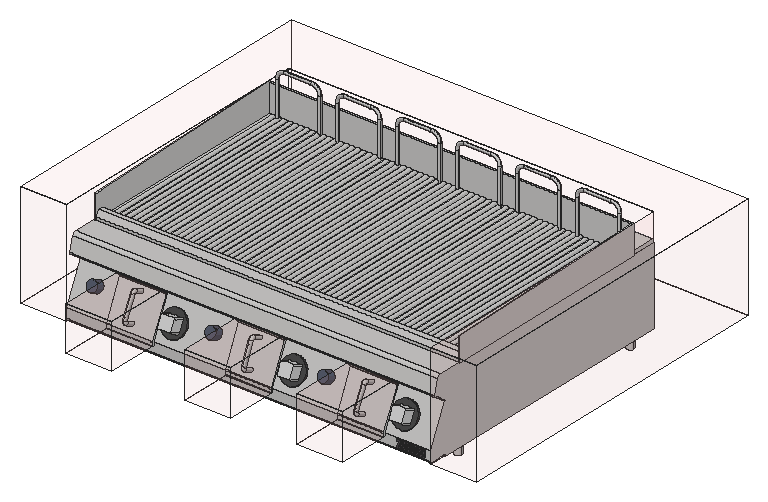
Revit family "QF_ZANUSSI_392066_Z9GRGLGC0P", category Specialty Equipment, Revit 2018 (continued)
Automatic sketch dimensions
  Extrusion 11 sketch curve to Extrusion 11 sketch curve = 6 mm
  Extrusion 11 sketch curve to plane 15 "3" = 1.8 mm
  Extrusion 12 sketch curve to plane 13 = 0 mm  (x2)
  Extrusion 12 sketch curve to plane 4 "RIGHT" = 291.99 mm
  Extrusion 12 sketch curve to Extrusion 12 sketch curve = 6 mm
  Extrusion 12 sketch curve to plane 15 "3" = 1.8 mm
  Extrusion 13 sketch curve to plane 13 = 0 mm  (x2)
  Extrusion 13 sketch curve to plane 4 "RIGHT" = 273.284 mm
  Extrusion 13 sketch curve to Extrusion 13 sketch curve = 6 mm
  Extrusion 13 sketch curve to plane 15 "3" = 1.8 mm
  Extrusion 14 sketch curve to plane 13 = 0 mm  (x2)
  Extrusion 14 sketch curve to plane 4 "RIGHT" = 254.578 mm
  Extrusion 14 sketch curve to Extrusion 14 sketch curve = 6 mm
  Extrusion 14 sketch curve to plane 15 "3" = 1.8 mm
  Extrusion 15 sketch curve to plane 13 = 0 mm  (x2)
  Extrusion 15 sketch curve to plane 4 "RIGHT" = 235.873 mm
  Extrusion 15 sketch curve to Extrusion 15 sketch curve = 6 mm
  Extrusion 15 sketch curve to plane 15 "3" = 1.8 mm
  Extrusion 16 sketch curve to plane 13 = 0 mm  (x2)
  Extrusion 16 sketch curve to plane 4 "RIGHT" = 217.167 mm
  Extrusion 16 sketch curve to Extrusion 16 sketch curve = 6 mm
  Extrusion 16 sketch curve to plane 15 "3" = 1.8 mm
  Extrusion 17 sketch curve to plane 13 = 0 mm  (x2)
  Extrusion 17 sketch curve to plane 4 "RIGHT" = 198.461 mm
  Extrusion 17 sketch curve to Extrusion 17 sketch curve = 6 mm
  Extrusion 17 sketch curve to plane 15 "3" = 1.8 mm
  Extrusion 18 sketch curve to plane 13 = 0 mm  (x2)
  Extrusion 18 sketch curve to plane 4 "RIGHT" = 179.755 mm
  Extrusion 18 sketch curve to Extrusion 18 sketch curve = 6 mm
  Extrusion 18 sketch curve to plane 15 "3" = 1.8 mm
  Extrusion 19 sketch curve to plane 13 = 0 mm  (x2)
  Extrusion 19 sketch curve to plane 4 "RIGHT" = 161.049 mm
  Extrusion 19 sketch curve to Extrusion 19 sketch curve = 6 mm
  Extrusion 19 sketch curve to plane 15 "3" = 1.8 mm
  Extrusion 20 sketch curve to plane 13 = 0 mm  (x2)
  Extrusion 20 sketch curve to plane 4 "RIGHT" = 142.343 mm
  Extrusion 20 sketch curve to Extrusion 20 sketch curve = 6 mm
  Extrusion 20 sketch curve to plane 15 "3" = 1.8 mm
  Extrusion 21 sketch curve to plane 13 = 0 mm  (x2)
  Extrusion 21 sketch curve to plane 4 "RIGHT" = 123.637 mm
  Extrusion 21 sketch curve to Extrusion 21 sketch curve = 6 mm
  Extrusion 21 sketch curve to plane 15 "3" = 1.8 mm
  Extrusion 22 sketch curve to plane 13 = 0 mm  (x2)
  Extrusion 22 sketch curve to plane 4 "RIGHT" = 104.931 mm
  Extrusion 22 sketch curve to Extrusion 22 sketch curve = 6 mm
  Extrusion 22 sketch curve to plane 15 "3" = 1.8 mm
  Extrusion 23 sketch curve to plane 13 = 0 mm  (x2)
  Extrusion 23 sketch curve to plane 4 "RIGHT" = 86.225 mm
  Extrusion 23 sketch curve to Extrusion 23 sketch curve = 6 mm
  Extrusion 23 sketch curve to plane 15 "3" = 1.8 mm
  Extrusion 24 sketch curve to plane 13 = 0 mm  (x2)
  Extrusion 24 sketch curve to plane 4 "RIGHT" = 67.52 mm
  Extrusion 24 sketch curve to Extrusion 24 sketch curve = 6 mm
  Extrusion 24 sketch curve to plane 15 "3" = 1.8 mm
  Extrusion 25 sketch curve to plane 13 = 0 mm  (x2)
  Extrusion 25 sketch curve to plane 4 "RIGHT" = 48.814 mm
  Extrusion 25 sketch curve to Extrusion 25 sketch curve = 6 mm
  Extrusion 25 sketch curve to plane 15 "3" = 1.8 mm
  Extrusion 26 sketch curve to plane 13 = 0 mm  (x2)
  Extrusion 26 sketch curve to plane 4 "RIGHT" = 30.108 mm
  Extrusion 26 sketch curve to Extrusion 26 sketch curve = 6 mm
  Extrusion 26 sketch curve to plane 15 "3" = 1.8 mm
  Extrusion 27 sketch curve to plane 13 = 0 mm  (x2)
  plane 7 "Center Y" to Extrusion 27 sketch curve = 251.892 mm
  Extrusion 27 sketch curve to Extrusion 27 sketch curve = 6 mm
  Extrusion 27 sketch curve to plane 15 "3" = 1.8 mm
  Extrusion 28 sketch curve to plane 13 = 0 mm  (x2)
  plane 7 "Center Y" to Extrusion 28 sketch curve = 233.186 mm
  Extrusion 28 sketch curve to Extrusion 28 sketch curve = 6 mm
  Extrusion 28 sketch curve to plane 15 "3" = 1.8 mm
  Extrusion 29 sketch curve to plane 13 = 0 mm  (x2)
  plane 7 "Center Y" to Extrusion 29 sketch curve = 214.48 mm
  Extrusion 29 sketch curve to Extrusion 29 sketch curve = 6 mm
  Extrusion 29 sketch curve to plane 15 "3" = 1.8 mm
  plane 3 "LEFT" to Extrusion 30 sketch curve = 3 mm
  Extrusion 30 sketch curve to plane 4 "RIGHT" = 3 mm
  Extrusion 30 sketch curve to plane 12 = 62.513 mm
  Extrusion 30 sketch curve to Extrusion 30 sketch curve = 3 mm
  Extrusion 31 sketch curve to plane 13 = 0 mm
  Extrusion 31 sketch curve to plane 5 "FRONT" = 115.804 mm
  Extrusion 31 sketch curve to plane 12 = 65.513 mm
  Extrusion 31 sketch curve to plane 16 = 71.071 mm
  Extrusion 31 sketch curve to plane 16 = 54.781 mm
  Sweep 32 sketch curve to plane 13 = 0 mm  (x2)
  Sweep 32 sketch curve to plane 16 = 29 mm  (x2)
  plane 3 "LEFT" to Sweep 32 sketch curve = 177.375 mm
  Sweep 32 sketch curve to Sweep 32 sketch curve = 25 mm
  plane 3 "LEFT" to Sweep 32 sketch curve = 62.375 mm
  Sweep 32 sketch curve to profile plane = 0 mm
  profile plane to Sweep 32 sketch curve = 0 mm
  Sweep 33 sketch curve to plane 13 = 0 mm  (x2)
  Sweep 33 sketch curve to plane 4 "RIGHT" = 35.75 mm
  Sweep 33 sketch curve to Sweep 33 sketch curve = 25 mm  (x2)
  Sweep 33 sketch curve to plane 16 = 29 mm
  Sweep 33 sketch curve to Sweep 33 sketch curve = 90 mm
  Sweep 33 sketch curve to profile plane = 0 mm
  profile plane to Sweep 33 sketch curve = 0 mm
  Sweep 34 sketch curve to plane 13 = 0 mm  (x2)
  Sweep 34 sketch curve to plane 16 = 29 mm  (x2)
  Sweep 34 sketch curve to plane 7 "Center Y" = 225.25 mm
  Sweep 34 sketch curve to Sweep 34 sketch curve = 25 mm
  Sweep 34 sketch curve to Sweep 34 sketch curve = 90 mm
  Sweep 34 sketch curve to profile plane = 0 mm
  profile plane to Sweep 34 sketch curve = 0 mm
  Sweep 35 sketch curve to plane 13 = 0 mm  (x2)
  Sweep 35 sketch curve to plane 7 "Center Y" = 27.875 mm
  Sweep 35 sketch curve to Sweep 35 sketch curve = 25 mm  (x2)
  Sweep 35 sketch curve to plane 16 = 29 mm
  Sweep 35 sketch curve to Sweep 35 sketch curve = 90 mm
  Sweep 35 sketch curve to profile plane = 0 mm
  profile plane to Sweep 35 sketch curve = 0 mm
  Sweep 36 sketch curve to plane 13 = 0 mm  (x2)
  Sweep 36 sketch curve to plane 16 = 29 mm
  plane 7 "Center Y" to Sweep 36 sketch curve = 169.5 mm
  Sweep 36 sketch curve to Sweep 36 sketch curve = 25 mm  (x2)
  plane 7 "Center Y" to Sweep 36 sketch curve = 54.5 mm
  Sweep 36 sketch curve to profile plane = 0 mm
  profile plane to Sweep 36 sketch curve = 0 mm
  Sweep 37 sketch curve to plane 13 = 0 mm  (x2)
  Sweep 37 sketch curve to plane 16 = 29 mm  (x2)
  Sweep 37 sketch curve to plane 4 "RIGHT" = 233.125 mm
  Sweep 37 sketch curve to Sweep 37 sketch curve = 25 mm
  Sweep 37 sketch curve to Sweep 37 sketch curve = 90 mm
  Sweep 37 sketch curve to profile plane = 0 mm
  profile plane to Sweep 37 sketch curve = 0 mm
  Extrusion 38 sketch curve to plane 13 = 0 mm  (x2)
  Extrusion 38 sketch curve to plane 7 "Center Y" = 103.52 mm
  Extrusion 38 sketch curve to Extrusion 38 sketch curve = 6 mm
  Extrusion 38 sketch curve to plane 15 "3" = 1.8 mm
  Extrusion 39 sketch curve to plane 13 = 0 mm  (x2)
  Extrusion 39 sketch curve to plane 7 "Center Y" = 84.814 mm
  Extrusion 39 sketch curve to Extrusion 39 sketch curve = 6 mm
  Extrusion 39 sketch curve to plane 15 "3" = 1.8 mm
  Extrusion 40 sketch curve to plane 13 = 0 mm  (x2)
  Extrusion 40 sketch curve to plane 7 "Center Y" = 66.108 mm
  Extrusion 40 sketch curve to Extrusion 40 sketch curve = 6 mm
  Extrusion 40 sketch curve to plane 15 "3" = 1.8 mm
  Extrusion 41 sketch curve to plane 13 = 0 mm  (x2)
  Extrusion 41 sketch curve to plane 7 "Center Y" = 47.402 mm
  Extrusion 41 sketch curve to Extrusion 41 sketch curve = 6 mm
  Extrusion 41 sketch curve to plane 15 "3" = 1.8 mm
  Extrusion 42 sketch curve to plane 13 = 0 mm  (x2)
  Extrusion 42 sketch curve to plane 7 "Center Y" = 28.696 mm
  Extrusion 42 sketch curve to Extrusion 42 sketch curve = 6 mm
  Extrusion 42 sketch curve to plane 15 "3" = 1.8 mm
  Extrusion 43 sketch curve to plane 13 = 0 mm  (x2)
  Extrusion 43 sketch curve to plane 7 "Center Y" = 9.99 mm
  Extrusion 43 sketch curve to Extrusion 43 sketch curve = 6 mm
  Extrusion 43 sketch curve to plane 15 "3" = 1.8 mm
  Extrusion 44 sketch curve to plane 13 = 0 mm  (x2)
  plane 7 "Center Y" to Extrusion 44 sketch curve = 8.716 mm
  plane 7 "Center Y" to Extrusion 44 sketch curve = 2.716 mm
  Extrusion 44 sketch curve to plane 15 "3" = 1.8 mm
  Extrusion 45 sketch curve to plane 13 = 0 mm  (x2)
  plane 7 "Center Y" to Extrusion 45 sketch curve = 27.422 mm
  Extrusion 45 sketch curve to Extrusion 45 sketch curve = 6 mm
  Extrusion 45 sketch curve to plane 15 "3" = 1.8 mm
  Extrusion 46 sketch curve to plane 13 = 0 mm  (x2)
  plane 7 "Center Y" to Extrusion 46 sketch curve = 46.127 mm
  Extrusion 46 sketch curve to Extrusion 46 sketch curve = 6 mm
  Extrusion 46 sketch curve to plane 15 "3" = 1.8 mm
  Extrusion 47 sketch curve to plane 13 = 0 mm  (x2)
  plane 7 "Center Y" to Extrusion 47 sketch curve = 64.833 mm
  Extrusion 47 sketch curve to Extrusion 47 sketch curve = 6 mm
  Extrusion 47 sketch curve to plane 15 "3" = 1.8 mm
  Extrusion 48 sketch curve to plane 13 = 0 mm  (x2)
  plane 7 "Center Y" to Extrusion 48 sketch curve = 83.539 mm
  Extrusion 48 sketch curve to Extrusion 48 sketch curve = 6 mm
  Extrusion 48 sketch curve to plane 15 "3" = 1.8 mm
  Extrusion 49 sketch curve to plane 13 = 0 mm  (x2)
  plane 7 "Center Y" to Extrusion 49 sketch curve = 102.245 mm
  Extrusion 49 sketch curve to Extrusion 49 sketch curve = 6 mm
  Extrusion 49 sketch curve to plane 15 "3" = 1.8 mm
  Extrusion 50 sketch curve to plane 13 = 0 mm  (x2)
  plane 7 "Center Y" to Extrusion 50 sketch curve = 120.951 mm
  Extrusion 50 sketch curve to Extrusion 50 sketch curve = 6 mm
  Extrusion 50 sketch curve to plane 15 "3" = 1.8 mm
  Extrusion 51 sketch curve to plane 13 = 0 mm  (x2)
  plane 7 "Center Y" to Extrusion 51 sketch curve = 139.657 mm
  Extrusion 51 sketch curve to Extrusion 51 sketch curve = 6 mm
  Extrusion 51 sketch curve to plane 15 "3" = 1.8 mm
  Extrusion 52 sketch curve to plane 13 = 0 mm  (x2)
  plane 7 "Center Y" to Extrusion 52 sketch curve = 158.363 mm
  Extrusion 52 sketch curve to Extrusion 52 sketch curve = 6 mm
  Extrusion 52 sketch curve to plane 15 "3" = 1.8 mm
  Extrusion 53 sketch curve to plane 13 = 0 mm  (x2)
  plane 7 "Center Y" to Extrusion 53 sketch curve = 177.069 mm
  Extrusion 53 sketch curve to Extrusion 53 sketch curve = 6 mm
  Extrusion 53 sketch curve to plane 15 "3" = 1.8 mm
  Extrusion 54 sketch curve to plane 13 = 0 mm  (x2)
  plane 7 "Center Y" to Extrusion 54 sketch curve = 195.775 mm
  Extrusion 54 sketch curve to Extrusion 54 sketch curve = 6 mm
  Extrusion 54 sketch curve to plane 15 "3" = 1.8 mm
  Extrusion 55 sketch curve to plane 13 = 0 mm  (x2)
  Extrusion 55 sketch curve to plane 7 "Center Y" = 122.226 mm
  Extrusion 55 sketch curve to Extrusion 55 sketch curve = 6 mm
  Extrusion 55 sketch curve to plane 15 "3" = 1.8 mm
  Extrusion 56 sketch curve to plane 13 = 0 mm  (x2)
  Extrusion 56 sketch curve to plane 7 "Center Y" = 140.931 mm
  Extrusion 56 sketch curve to Extrusion 56 sketch curve = 6 mm
  Extrusion 56 sketch curve to plane 15 "3" = 1.8 mm
  Extrusion 57 sketch curve to plane 13 = 0 mm  (x2)
  Extrusion 57 sketch curve to plane 7 "Center Y" = 159.637 mm
  Extrusion 57 sketch curve to Extrusion 57 sketch curve = 6 mm
  Extrusion 57 sketch curve to plane 15 "3" = 1.8 mm
  Extrusion 58 sketch curve to plane 13 = 0 mm  (x2)
  plane 3 "LEFT" to Extrusion 58 sketch curve = 122.363 mm
  Extrusion 58 sketch curve to Extrusion 58 sketch curve = 6 mm
  Extrusion 58 sketch curve to plane 15 "3" = 1.8 mm
  Extrusion 59 sketch curve to plane 13 = 0 mm  (x2)
  plane 3 "LEFT" to Extrusion 59 sketch curve = 141.069 mm
  Extrusion 59 sketch curve to Extrusion 59 sketch curve = 6 mm
  Extrusion 59 sketch curve to plane 15 "3" = 1.8 mm
  Extrusion 60 sketch curve to plane 13 = 0 mm  (x2)
  plane 3 "LEFT" to Extrusion 60 sketch curve = 159.774 mm
  Extrusion 60 sketch curve to Extrusion 60 sketch curve = 6 mm
  Extrusion 60 sketch curve to plane 15 "3" = 1.8 mm
  Extrusion 61 sketch curve to plane 13 = 0 mm  (x2)
  plane 3 "LEFT" to Extrusion 61 sketch curve = 178.48 mm
  Extrusion 61 sketch curve to Extrusion 61 sketch curve = 6 mm
  Extrusion 61 sketch curve to plane 15 "3" = 1.8 mm
  Extrusion 62 sketch curve to plane 13 = 0 mm  (x2)
  plane 3 "LEFT" to Extrusion 62 sketch curve = 197.186 mm
  Extrusion 62 sketch curve to Extrusion 62 sketch curve = 6 mm
  Extrusion 62 sketch curve to plane 15 "3" = 1.8 mm
  Extrusion 63 sketch curve to plane 13 = 0 mm  (x2)
  plane 3 "LEFT" to Extrusion 63 sketch curve = 215.892 mm
  Extrusion 63 sketch curve to Extrusion 63 sketch curve = 6 mm
  Extrusion 63 sketch curve to plane 15 "3" = 1.8 mm
  Extrusion 64 sketch curve to plane 13 = 0 mm  (x2)
  plane 3 "LEFT" to Extrusion 64 sketch curve = 234.598 mm
  Extrusion 64 sketch curve to Extrusion 64 sketch curve = 6 mm
  Extrusion 64 sketch curve to plane 15 "3" = 1.8 mm
  Extrusion 65 sketch curve to plane 13 = 0 mm  (x2)
  plane 3 "LEFT" to Extrusion 65 sketch curve = 253.304 mm
  Extrusion 65 sketch curve to Extrusion 65 sketch curve = 6 mm
  Extrusion 65 sketch curve to plane 15 "3" = 1.8 mm
  Extrusion 66 sketch curve to plane 13 = 0 mm  (x2)
  plane 3 "LEFT" to Extrusion 66 sketch curve = 272.01 mm
  Extrusion 66 sketch curve to Extrusion 66 sketch curve = 6 mm
  Extrusion 66 sketch curve to plane 15 "3" = 1.8 mm
  Extrusion 67 sketch curve to plane 13 = 0 mm  (x2)
  plane 3 "LEFT" to Extrusion 67 sketch curve = 290.716 mm
  Extrusion 67 sketch curve to Extrusion 67 sketch curve = 6 mm
  Extrusion 67 sketch curve to plane 15 "3" = 1.8 mm
  Extrusion 68 sketch curve to plane 13 = 0 mm  (x2)
  Extrusion 68 sketch curve to plane 7 "Center Y" = 290.579 mm
  Extrusion 68 sketch curve to Extrusion 68 sketch curve = 6 mm
  Extrusion 68 sketch curve to plane 15 "3" = 1.8 mm
  Extrusion 69 sketch curve to plane 13 = 0 mm  (x2)
  Extrusion 69 sketch curve to plane 7 "Center Y" = 271.873 mm
  Extrusion 69 sketch curve to Extrusion 69 sketch curve = 6 mm
  Extrusion 69 sketch curve to plane 15 "3" = 1.8 mm
  Extrusion 70 sketch curve to plane 13 = 0 mm  (x2)
  Extrusion 70 sketch curve to plane 7 "Center Y" = 253.167 mm
  Extrusion 70 sketch curve to Extrusion 70 sketch curve = 6 mm
  Extrusion 70 sketch curve to plane 15 "3" = 1.8 mm
  Extrusion 71 sketch curve to plane 13 = 0 mm  (x2)
  Extrusion 71 sketch curve to plane 7 "Center Y" = 234.461 mm
  Extrusion 71 sketch curve to Extrusion 71 sketch curve = 6 mm
  Extrusion 71 sketch curve to plane 15 "3" = 1.8 mm
  Extrusion 72 sketch curve to plane 13 = 0 mm  (x2)
  Extrusion 72 sketch curve to plane 7 "Center Y" = 215.755 mm
  Extrusion 72 sketch curve to Extrusion 72 sketch curve = 6 mm
  Extrusion 72 sketch curve to plane 15 "3" = 1.8 mm
  Extrusion 73 sketch curve to plane 13 = 0 mm  (x2)
  Extrusion 73 sketch curve to plane 7 "Center Y" = 197.049 mm
  Extrusion 73 sketch curve to Extrusion 73 sketch curve = 6 mm
  Extrusion 73 sketch curve to plane 15 "3" = 1.8 mm
  Extrusion 74 sketch curve to plane 13 = 0 mm  (x2)
  Extrusion 74 sketch curve to plane 7 "Center Y" = 178.343 mm
  Extrusion 74 sketch curve to Extrusion 74 sketch curve = 6 mm
  Extrusion 74 sketch curve to plane 15 "3" = 1.8 mm
  Extrusion 75 sketch curve to plane 13 = 0 mm  (x2)
  plane 3 "LEFT" to Extrusion 75 sketch curve = 103.657 mm
  Extrusion 75 sketch curve to Extrusion 75 sketch curve = 6 mm
  Extrusion 75 sketch curve to plane 15 "3" = 1.8 mm
  Extrusion 76 sketch curve to plane 13 = 0 mm  (x2)
  plane 3 "LEFT" to Extrusion 76 sketch curve = 84.951 mm
  Extrusion 76 sketch curve to Extrusion 76 sketch curve = 6 mm
  Extrusion 76 sketch curve to plane 15 "3" = 1.8 mm
  Extrusion 77 sketch curve to plane 13 = 0 mm  (x2)
  plane 3 "LEFT" to Extrusion 77 sketch curve = 66.245 mm
  Extrusion 77 sketch curve to Extrusion 77 sketch curve = 6 mm
  Extrusion 77 sketch curve to plane 15 "3" = 1.8 mm
  Extrusion 78 sketch curve to plane 13 = 0 mm  (x2)
  plane 3 "LEFT" to Extrusion 78 sketch curve = 28.833 mm
  Extrusion 78 sketch curve to Extrusion 78 sketch curve = 6 mm
  Extrusion 78 sketch curve to plane 15 "3" = 1.8 mm
  Extrusion 79 sketch curve to plane 13 = 0 mm  (x2)
  plane 3 "LEFT" to Extrusion 79 sketch curve = 47.539 mm
  Extrusion 79 sketch curve to Extrusion 79 sketch curve = 6 mm
  Extrusion 79 sketch curve to plane 15 "3" = 1.8 mm
  plane 3 "LEFT" to Extrusion 80 sketch curve = 11 mm  (x2)
  Extrusion 80 sketch curve to plane 4 "RIGHT" = 11 mm  (x2)
  Extrusion 80 sketch curve to plane 5 "FRONT" = 125.014 mm  (x2)
  Extrusion 80 sketch curve to plane 12 = 65.387 mm
  Extrusion 80 sketch curve to plane 12 = 65.388 mm
  Extrusion 81 sketch curve to Extrusion 81 sketch curve = 0 mm  (x6)
  plane 5 "FRONT" to Extrusion 81 sketch curve = 1.5 mm
  plane 5 "FRONT" to Extrusion 81 sketch curve = 0 mm
  Extrusion 81 sketch curve to plane 5 "FRONT" = 1.5 mm
  Extrusion 81 sketch curve to Extrusion 81 sketch curve = 2 mm
  Extrusion 81 sketch curve to plane 5 "FRONT" = 39.871 mm
  Extrusion 81 sketch curve to Extrusion 81 sketch curve = 1.061 mm  (x2)
  Extrusion 81 sketch curve to Extrusion 81 sketch curve = 12.118 mm
  Extrusion 81 sketch curve to Extrusion 81 sketch curve = 1.068 mm
  Extrusion 81 sketch curve to Extrusion 81 sketch curve = 1.369 mm
  Extrusion 81 sketch curve to Extrusion 81 sketch curve = 1.067 mm
  Extrusion 81 sketch curve to Extrusion 81 sketch curve = 1.63 mm
  plane 9 "BASE" to Extrusion 81 sketch curve = 29.1 mm
  Extrusion 81 sketch curve to Extrusion 81 sketch curve = 11.04 mm
  Extrusion 81 sketch curve to Extrusion 81 sketch curve = 0.151 mm
  Extrusion 81 sketch curve to plane 15 "3" = 90.385 mm
  Extrusion 81 sketch curve to Extrusion 81 sketch curve = 0.532 mm
  Extrusion 81 sketch curve to Extrusion 81 sketch curve = 0.613 mm
  Extrusion 81 sketch curve to Extrusion 81 sketch curve = 13.186 mm
  plane 5 "FRONT" to Extrusion 81 sketch curve = 1.222 mm
  Extrusion 81 sketch curve to Extrusion 81 sketch curve = 0.003 mm
  Extrusion 81 sketch curve to plane 5 "FRONT" = 0.328 mm
  Extrusion 81 sketch curve to Extrusion 81 sketch curve = 0.001 mm
  plane 5 "FRONT" to Sweep 82 sketch curve = 21.387 mm
  Sweep 82 sketch curve to Sweep 82 sketch curve = 3.628 mm  (x2)
  Sweep 82 sketch curve to Sweep 82 sketch curve = 6.797 mm  (x2)
  Sweep 82 sketch curve to plane 5 "FRONT" = 9.464 mm
  Sweep 82 sketch curve to Sweep 82 sketch curve = 3.17 mm  (x2)
  Sweep 82 sketch curve to plane 15 "3" = 92.834 mm
  Sweep 82 sketch curve to Sweep 82 sketch curve = 66.161 mm
  Sweep 82 sketch curve to plane 5 "FRONT" = 9.216 mm
  Sweep 82 sketch curve to Sweep 82 sketch curve = 26.93 mm
  Sweep 82 sketch curve to Sweep 82 sketch curve = 12.558 mm
  Sweep 82 sketch curve to Sweep 82 sketch curve = 12.579 mm
  profile plane to Sweep 82 sketch curve = 0 mm
  Sweep 82 sketch curve to profile plane = 0 mm
  plane 9 "BASE" to Extrusion 83 sketch curve = 25.1 mm
  plane 5 "FRONT" to Extrusion 83 sketch curve = 170 mm
  plane 5 "FRONT" to Extrusion 83 sketch curve = 1.5 mm
  Extrusion 83 sketch curve to plane 5 "FRONT" = 1.5 mm
  Extrusion 83 sketch curve to plane 5 "FRONT" = 38.81 mm
  Extrusion 83 sketch curve to Extrusion 83 sketch curve = 13.178 mm
  Extrusion 83 sketch curve to Extrusion 83 sketch curve = 1.068 mm
  Extrusion 83 sketch curve to Extrusion 83 sketch curve = 1.369 mm
  Extrusion 83 sketch curve to Extrusion 83 sketch curve = 15.04 mm
  Extrusion 83 sketch curve to plane 15 "3" = 90.385 mm
  Extrusion 83 sketch curve to Extrusion 83 sketch curve = 0.613 mm
  Extrusion 83 sketch curve to plane 15 "3" = 74.473 mm
  plane 5 "FRONT" to Extrusion 83 sketch curve = 1.222 mm
  Extrusion 83 sketch curve to Extrusion 83 sketch curve = 0.003 mm
  Extrusion 83 sketch curve to Extrusion 83 sketch curve = 0.001 mm
  Extrusion 1 to Extrusion 84 sketch curve = 52.495 mm
  Extrusion 1 to Extrusion 84 sketch curve = 464.535 mm
  Extrusion 1 to Extrusion 85 sketch curve = 52.495 mm
  Extrusion 1 to Extrusion 85 sketch curve = 365.264 mm
  Extrusion 86 sketch curve to Extrusion 86 sketch curve = 0 mm  (x6)
  plane 5 "FRONT" to Extrusion 86 sketch curve = 1.5 mm
  plane 5 "FRONT" to Extrusion 86 sketch curve = 0 mm
  Extrusion 86 sketch curve to plane 5 "FRONT" = 1.5 mm
  Extrusion 86 sketch curve to Extrusion 86 sketch curve = 2 mm
  Extrusion 86 sketch curve to plane 5 "FRONT" = 39.871 mm
  Extrusion 86 sketch curve to Extrusion 86 sketch curve = 1.061 mm  (x2)
  Extrusion 86 sketch curve to Extrusion 86 sketch curve = 12.118 mm
  Extrusion 86 sketch curve to Extrusion 86 sketch curve = 1.068 mm
  Extrusion 86 sketch curve to Extrusion 86 sketch curve = 1.369 mm
  Extrusion 86 sketch curve to Extrusion 86 sketch curve = 1.067 mm
  Extrusion 86 sketch curve to Extrusion 86 sketch curve = 1.63 mm
  plane 9 "BASE" to Extrusion 86 sketch curve = 29.1 mm
  Extrusion 86 sketch curve to Extrusion 86 sketch curve = 11.04 mm
  Extrusion 86 sketch curve to Extrusion 86 sketch curve = 0.151 mm
  Extrusion 86 sketch curve to plane 15 "3" = 90.385 mm
  Extrusion 86 sketch curve to Extrusion 86 sketch curve = 0.532 mm
  Extrusion 86 sketch curve to Extrusion 86 sketch curve = 0.613 mm
  Extrusion 86 sketch curve to Extrusion 86 sketch curve = 13.186 mm
  plane 5 "FRONT" to Extrusion 86 sketch curve = 1.222 mm
  Extrusion 86 sketch curve to Extrusion 86 sketch curve = 0.003 mm
  Extrusion 86 sketch curve to plane 5 "FRONT" = 0.328 mm
  Extrusion 86 sketch curve to Extrusion 86 sketch curve = 0.001 mm
  plane 5 "FRONT" to Sweep 87 sketch curve = 21.387 mm
  Sweep 87 sketch curve to Sweep 87 sketch curve = 3.628 mm
  Sweep 87 sketch curve to Sweep 87 sketch curve = 3.17 mm  (x3)
  Sweep 87 sketch curve to plane 5 "FRONT" = 9.464 mm
  Sweep 87 sketch curve to Sweep 87 sketch curve = 6.797 mm  (x2)
  plane 9 "BASE" to Sweep 87 sketch curve = 76.253 mm
  Sweep 87 sketch curve to Sweep 87 sketch curve = 66.161 mm
  Sweep 87 sketch curve to plane 5 "FRONT" = 9.216 mm
  Sweep 87 sketch curve to Sweep 87 sketch curve = 26.93 mm
  Sweep 87 sketch curve to Sweep 87 sketch curve = 12.579 mm
  Sweep 87 sketch curve to Sweep 87 sketch curve = 12.558 mm
  Sweep 87 sketch curve to profile plane = 0 mm  (x2)
  plane 9 "BASE" to Extrusion 88 sketch curve = 25.1 mm
  plane 5 "FRONT" to Extrusion 88 sketch curve = 170 mm
  plane 5 "FRONT" to Extrusion 88 sketch curve = 1.5 mm
  Extrusion 88 sketch curve to plane 5 "FRONT" = 1.5 mm
  Extrusion 88 sketch curve to plane 5 "FRONT" = 38.81 mm
  Extrusion 88 sketch curve to Extrusion 88 sketch curve = 13.178 mm
  Extrusion 88 sketch curve to Extrusion 88 sketch curve = 1.068 mm
  Extrusion 88 sketch curve to Extrusion 88 sketch curve = 1.369 mm
  Extrusion 88 sketch curve to Extrusion 88 sketch curve = 15.04 mm
  Extrusion 88 sketch curve to plane 15 "3" = 90.385 mm
  Extrusion 88 sketch curve to Extrusion 88 sketch curve = 0.613 mm
  Extrusion 88 sketch curve to plane 15 "3" = 74.473 mm
  plane 5 "FRONT" to Extrusion 88 sketch curve = 1.222 mm
  Extrusion 88 sketch curve to Extrusion 88 sketch curve = 0.003 mm
  Extrusion 88 sketch curve to Extrusion 88 sketch curve = 0.001 mm
  plane 3 "LEFT" to Extrusion 89 sketch curve = 74.461 mm
  Extrusion 90 sketch curve to plane 4 "RIGHT" = 52 mm
  Extrusion 90 sketch curve to plane 12 = 97.387 mm
  plane 13 to Extrusion 91 sketch curve = 27 mm
  Extrusion 91 sketch curve to plane 5 "FRONT" = 125.804 mm
  Extrusion 91 sketch curve to Extrusion 91 sketch curve = 15 mm
  plane 15 "3" to Extrusion 91 sketch curve = 1.158 mm
  Extrusion 91 sketch curve to Extrusion 91 sketch curve = 25 mm
  plane 13 to Extrusion 91 sketch curve = 9.679 mm
  plane 5 "FRONT" to curve 41 = 0 mm
  curve 9 to plane 3 "LEFT" = 0 mm
  plane 1 "BACK" to curve 7 = 0 mm
  plane 5 "FRONT" to curve 47 = 0 mm
  curve 9 to plane 4 "RIGHT" = 0 mm
  curve 41 to plane 3 "LEFT" = 152 mm
  plane 3 "LEFT" to curve 40 = 3 mm
  plane 3 "LEFT" to curve 47 = 133.926 mm
  curve 47 to curve 49 = 152 mm
  plane 5 "FRONT" to curve 52 = 12.922 mm
  curve 49 to curve 52 = 26.074 mm
  curve 51 to curve 50 = 2 mm
  plane 5 "FRONT" to curve 50 = 13.767 mm
  curve 50 to curve 50 = 38 mm
  plane 5 "FRONT" to curve 53 = 12.922 mm
  curve 54 to curve 53 = 2 mm
  curve 72 to plane 7 "Center Y" = 76 mm
  plane 7 "Center Y" to curve 72 = 76 mm
  plane 5 "FRONT" to curve 57 = 12.922 mm
  curve 73 to curve 57 = 28.499 mm
  curve 56 to curve 55 = 2 mm
  plane 5 "FRONT" to curve 55 = 13.767 mm
  curve 56 to curve 55 = 38 mm
  plane 5 "FRONT" to curve 58 = 12.922 mm
  curve 59 to curve 58 = 2 mm
  curve 59 to curve 44 = 147.702 mm
  curve 44 to curve 45 = 152 mm
  plane 5 "FRONT" to curve 62 = 12.922 mm
  curve 46 to curve 62 = 27.049 mm
  curve 61 to curve 60 = 2 mm
  plane 5 "FRONT" to curve 60 = 13.767 mm
  curve 60 to curve 60 = 38 mm
  plane 5 "FRONT" to curve 63 = 12.922 mm
  curve 64 to curve 63 = 2 mm
  curve 39 to plane 4 "RIGHT" = 3 mm
  plane 4 "RIGHT" to curve 42 = 149 mm
  curve 46 to curve 61 = 156.233 mm
  curve 49 to curve 51 = 156.233 mm
  plane 5 "FRONT" to curve 71 = 170 mm
  plane 5 "FRONT" to curve 16 = 0 mm
  curve 40 to plane 5 "FRONT" = 115.804 mm
  curve 42 to plane 1 "BACK" = 203 mm
  curve 7 to curve 39 = 0 mm
  plane 3 "LEFT" to curve 94 = 16.833 mm
  curve 66 to plane 5 "FRONT" = 12.474 mm
  plane 3 "LEFT" to curve 66 = 56.461 mm
  curve 65 to curve 66 = 0 mm
  curve 65 to curve 65 = 1.033 mm
  curve 65 to curve 65 = 16.967 mm
  curve 66 to plane 5 "FRONT" = 15.014 mm
  curve 65 to curve 66 = 16.967 mm
  curve 52 to curve 52 = 1.868 mm
  plane 5 "FRONT" to curve 13 = 0 mm
  curve 53 to curve 13 = 0.864 mm
  curve 67 to curve 71 = 77.465 mm
  curve 68 to curve 67 = 0 mm
  curve 67 to curve 67 = 1.033 mm
  curve 67 to curve 68 = 16.967 mm  (x2)
  curve 84 to plane 7 "Center Y" = 3.284 mm
  curve 57 to curve 57 = 1.868 mm
  plane 5 "FRONT" to curve 14 = 0 mm
  curve 14 to curve 59 = 13.864 mm
  curve 58 to curve 14 = 0.864 mm
  plane 5 "FRONT" to curve 15 = 0 mm
  curve 14 to curve 15 = 25.001 mm
  curve 15 to curve 69 = 44.359 mm
  curve 70 to curve 69 = 0 mm
  curve 69 to curve 69 = 1.033 mm
  curve 69 to plane 5 "FRONT" = 4.866 mm
  curve 69 to curve 69 = 18 mm
  curve 69 to curve 70 = 16.967 mm
  curve 62 to curve 62 = 1.868 mm
  curve 63 to curve 16 = 0.864 mm
  curve 4 to plane 4 "RIGHT" = 3 mm
  curve 43 to plane 5 "FRONT" = 0.003 mm
  curve 67 to plane 5 "FRONT" = 4.866 mm
  curve 10 to curve 11 = 12.242 mm
  curve 11 to curve 9 = 31.743 mm
  curve 8 to curve 38 = 0 mm
  curve 8 to curve 37 = 25 mm
  curve 6 to curve 40 = 10 mm
  curve 8 to curve 116 = 10 mm
  curve 94 to curve 95 = 18.706 mm
  curve 95 to curve 96 = 18.706 mm
  curve 96 to curve 97 = 18.706 mm
  curve 97 to curve 98 = 18.706 mm
  curve 98 to curve 99 = 18.706 mm
  curve 99 to curve 100 = 18.706 mm
  curve 100 to curve 101 = 18.706 mm
  curve 101 to curve 102 = 18.706 mm
  curve 102 to curve 103 = 18.706 mm
  curve 103 to curve 104 = 18.706 mm
  curve 104 to curve 105 = 18.706 mm
  curve 105 to curve 106 = 18.706 mm
  curve 106 to curve 107 = 18.706 mm
  curve 107 to curve 108 = 18.706 mm
  curve 108 to curve 109 = 18.706 mm
  curve 109 to curve 110 = 18.706 mm
  curve 110 to curve 111 = 18.706 mm
  curve 111 to curve 112 = 18.706 mm
  curve 112 to curve 113 = 18.706 mm
  curve 113 to curve 114 = 18.706 mm
  curve 114 to curve 74 = 18.706 mm
  curve 74 to curve 75 = 18.706 mm
  curve 75 to curve 76 = 18.706 mm
  curve 76 to curve 77 = 18.706 mm
  curve 77 to curve 78 = 18.706 mm
  curve 78 to curve 79 = 18.706 mm
  curve 79 to curve 80 = 18.706 mm
  curve 80 to curve 81 = 18.706 mm
  curve 81 to curve 82 = 18.706 mm
  curve 82 to curve 83 = 18.706 mm
  plane 7 "Center Y" to curve 85 = 15.422 mm
  curve 85 to curve 86 = 18.706 mm
  curve 86 to curve 87 = 18.706 mm
  curve 87 to curve 88 = 18.706 mm
  curve 88 to curve 89 = 18.706 mm
  curve 89 to curve 90 = 18.706 mm
  curve 90 to curve 91 = 18.706 mm
  curve 91 to curve 92 = 18.706 mm
  curve 92 to curve 93 = 18.706 mm
  curve 93 to curve 115 = 18.706 mm
  curve 115 to curve 17 = 18.706 mm
  curve 17 to curve 18 = 18.706 mm
  curve 18 to curve 19 = 18.706 mm
  curve 19 to curve 20 = 18.706 mm
  curve 20 to curve 21 = 18.706 mm
  curve 21 to curve 22 = 18.706 mm
  curve 22 to curve 23 = 18.706 mm
  curve 23 to curve 24 = 18.706 mm
  curve 24 to curve 25 = 18.706 mm
  curve 25 to curve 26 = 18.706 mm
  curve 26 to curve 27 = 18.706 mm
  curve 27 to curve 28 = 18.706 mm
  curve 28 to curve 29 = 18.706 mm
  curve 113 to plane 12 = 65.513 mm
  curve 29 to curve 30 = 18.706 mm
  curve 30 to curve 31 = 18.706 mm
  curve 31 to curve 32 = 18.706 mm
  curve 32 to curve 33 = 18.706 mm
  curve 33 to curve 34 = 18.706 mm
  curve 34 to curve 35 = 18.706 mm
  curve 35 to curve 36 = 18.706 mm
  curve 36 to curve 37 = 18.706 mm
  radius of Sweep 5 sketch curve = 5 mm
  radius of Extrusion 8 sketch curve = 9.5 mm
  radius of Sweep 32 sketch curve = 4 mm
  radius of Sweep 33 sketch curve = 4 mm
  radius of Sweep 34 sketch curve = 4 mm
  radius of Sweep 35 sketch curve = 4 mm
  radius of Sweep 36 sketch curve = 4 mm
  radius of Sweep 37 sketch curve = 4 mm
  radius of Extrusion 80 sketch curve = 11 mm  (x4)
  radius of Sweep 82 sketch curve = 5 mm
  radius of Extrusion 84 sketch curve = 18 mm
  radius of Extrusion 85 sketch curve = 18 mm
  radius of Sweep 87 sketch curve = 5 mm
  radius of Extrusion 89 sketch curve = 18 mm
  radius of Extrusion 90 sketch curve = 9.5 mm
Nested families
  nested 1: "ZAN_Logo_S" at (1133.62, -915.25, 673.842) x (1, 0, 0) z (0, -1, 0), type "ZAN_Logo_S"
  nested 2: "ZAN_Knob_2" at (1076.75, -887.356, 748.466) x (1, 0, 0) z (0, -0.9063, 0.4227), type "ZAN_Knob_2"
  nested 3: "ZAN_Knob_2" at (708, -887.356, 748.466) x (1, 0, 0) z (0, -0.9063, 0.4227), type "ZAN_Knob_2"
  nested 4: "ZAN_Knob_2" at (315.5, -887.356, 748.466) x (1, 0, 0) z (0, -0.9063, 0.4227), type "ZAN_Knob_2"
Connectors
  piping at (1148, -713.25, 638.8), driven by "Gas Size"
    settings: on Extrusion 8, index 8, connector diameter 0", connector inside diameter 24", connector length 0 mm, flow factor 0, pipe flow 0 GPM, pressure drop 0.00 psi, fitting loss kfactor 0, connector angle 0.00°, fixture units 0, engagement length 0 mm, angle of deflection 0.00°, flow configuration 0, flow direction 0, fitting loss method 0, system type 22, joint type 0, gender type 0, connector reference index -1, connector utility 0, adjustable connector no, is connector primary yes, connector description "Gas Connection"
  piping at (1148, -50.25, 638.8), driven by "Gas Size"
    settings: on Extrusion 90, index 9, connector diameter 0", connector inside diameter 24", connector length 0 mm, flow factor 0, pipe flow 0 GPM, pressure drop 0.00 psi, fitting loss kfactor 0, connector angle 0.00°, fixture units 0, engagement length 0 mm, angle of deflection 0.00°, flow configuration 0, flow direction 0, fitting loss method 0, system type 22, joint type 0, gender type 0, connector reference index -1, connector utility 0, adjustable connector no, is connector primary no, connector description "Gas Connection"
  piping at (1148, -713.25, 638.8), diameter 19
    settings: on Extrusion 8, index 10, connector inside diameter 24", connector length 0 mm, flow factor 0, pipe flow 0 GPM, pressure drop 0.00 psi, fitting loss kfactor 0, connector angle 0.00°, fixture units 0, engagement length 0 mm, angle of deflection 0.00°, flow configuration 0, flow direction 0, fitting loss method 0, system type 22, joint type 0, gender type 0, connector reference index -1, connector utility 0, adjustable connector no, is connector primary no, connector description ""
  piping at (1148, -713.25, 638.8), driven by "Gas Size"
    settings: on Extrusion 8, index 11, connector diameter 0", connector inside diameter 24", connector length 0 mm, flow factor 0, pipe flow 0 GPM, pressure drop 0.00 psi, fitting loss kfactor 0, connector angle 0.00°, fixture units 0, engagement length 0 mm, angle of deflection 0.00°, flow configuration 0, flow direction 0, fitting loss method 0, system type 22, joint type 0, gender type 0, connector reference index -1, connector utility 0, adjustable connector no, is connector primary no, connector description "Gas Connection"
Definition of nested family "ZAN_Logo_S"
  Parameters (values of type "ZAN_Logo_S")
    materiale [instance] = none
    Default Elevation = 0 mm
  Reference planes
    plane 1 "Centro (Fronte/Retro)": y = 0
    plane 2: z = 0
    plane 3 "Centro (Sinistra/Destra)": x = 0
    plane 4: x = 60.13
  Forms (mm)
    Extrusion 1, solid
      sketch origin (0, 0, 0) x (1, 0, 0) y (0, 1, 0)
        loop
          line (-1219.2, 1219.2) -> (-1219.2, -1219.2) -> (1219.2, -1219.2) -> (1219.2, 1219.2) -> (-1219.2, 1219.2)
      from 0 to -304.8
    Extrusion 2, solid, material <- "materiale"
      sketch origin (17.793, -46.218, 0) x (-1, 0, 0) y (0, -1, 0)
        loop
          spline (-4.176, -58.079) -> (-3.496, -58.328) -> (-2.793, -58.512) -> (-2.075, -58.63) -> (-1.348, -58.682) -> (-0.619, -58.669) -> (0.106, -58.588) -> (0.818, -58.44) -> (1.512, -58.225) -> (2.18, -57.941) -> (2.817, -57.589) -> (3.414, -57.167) -> (3.966, -56.676)
          spline (3.966, -56.676) -> (4.293, -56.162) -> (4.575, -55.61) -> (4.81, -55.026) -> (5, -54.419) -> (5.146, -53.797) -> (5.247, -53.166) -> (5.304, -52.536) -> (5.318, -51.913) -> (5.288, -51.306) -> (5.217, -50.723) -> (5.103, -50.17) -> (4.949, -49.657)
          line (4.949, -49.657) -> (2.702, -46.428) -> (0.316, -44.323)
          spline (0.316, -44.323) -> (0.065, -44.115) -> (-0.195, -43.909) -> (-0.46, -43.704) -> (-0.729, -43.496) -> (-0.997, -43.282) -> (-1.263, -43.059) -> (-1.523, -42.825) -> (-1.774, -42.576) -> (-2.013, -42.309) -> (-2.238, -42.022) -> (-2.445, -41.712) -> (-2.632, -41.375)
          spline (-2.632, -41.375) -> (-2.666, -41.159) -> (-2.697, -40.934) -> (-2.722, -40.701) -> (-2.736, -40.465) -> (-2.736, -40.227) -> (-2.72, -39.989) -> (-2.682, -39.754) -> (-2.621, -39.524) -> (-2.533, -39.302) -> (-2.414, -39.091) -> (-2.261, -38.892) -> (-2.07, -38.708)
          line (-2.07, -38.708) -> (-0.245, -38.567)
          spline (-0.245, -38.567) -> (0.096, -38.8) -> (0.354, -39.074) -> (0.54, -39.381) -> (0.664, -39.716) -> (0.738, -40.073) -> (0.772, -40.445) -> (0.777, -40.825) -> (0.763, -41.208) -> (0.742, -41.588) -> (0.723, -41.957) -> (0.718, -42.309) -> (0.737, -42.638)
          line (0.737, -42.638) -> (5.65, -42.638)
          spline (5.65, -42.638) -> (5.708, -42.042) -> (5.741, -41.448) -> (5.747, -40.857) -> (5.723, -40.273) -> (5.668, -39.696) -> (5.58, -39.129) -> (5.457, -38.574) -> (5.297, -38.032) -> (5.098, -37.506) -> (4.857, -36.997) -> (4.574, -36.508) -> (4.247, -36.041)
          spline (4.247, -36.041) -> (3.844, -35.675) -> (3.409, -35.35) -> (2.946, -35.065) -> (2.458, -34.819) -> (1.949, -34.612) -> (1.421, -34.444) -> (0.88, -34.314) -> (0.326, -34.221) -> (-0.234, -34.165) -> (-0.8, -34.146) -> (-1.366, -34.163) -> (-1.93, -34.216)
          spline (-1.93, -34.216) -> (-2.526, -34.309) -> (-3.116, -34.448) -> (-3.695, -34.633) -> (-4.259, -34.861) -> (-4.801, -35.131) -> (-5.316, -35.444) -> (-5.799, -35.798) -> (-6.245, -36.191) -> (-6.648, -36.624) -> (-7.002, -37.095) -> (-7.303, -37.603) -> (-7.545, -38.146)
          spline (-7.545, -38.146) -> (-7.694, -38.815) -> (-7.792, -39.487) -> (-7.839, -40.158) -> (-7.836, -40.824) -> (-7.785, -41.482) -> (-7.685, -42.129) -> (-7.539, -42.762) -> (-7.347, -43.377) -> (-7.111, -43.97) -> (-6.83, -44.538) -> (-6.506, -45.078) -> (-6.141, -45.586)
          line (-6.141, -45.586) -> (-0.526, -50.64) -> (0.176, -51.482)
          spline (0.176, -51.482) -> (0.248, -51.66) -> (0.323, -51.843) -> (0.397, -52.03) -> (0.467, -52.22) -> (0.529, -52.412) -> (0.579, -52.605) -> (0.615, -52.798) -> (0.633, -52.989) -> (0.63, -53.179) -> (0.601, -53.366) -> (0.545, -53.55) -> (0.456, -53.728)
          spline (0.456, -53.728) -> (0.375, -53.892) -> (0.273, -54.034) -> (0.154, -54.155) -> (0.02, -54.258) -> (-0.126, -54.343) -> (-0.28, -54.412) -> (-0.441, -54.466) -> (-0.604, -54.508) -> (-0.767, -54.537) -> (-0.928, -54.556) -> (-1.082, -54.567) -> (-1.228, -54.57)
          line (-1.228, -54.57) -> (-2.632, -53.587) -> (-2.772, -50.64) -> (-7.405, -50.64)
          spline (-7.405, -50.64) -> (-7.41, -51.031) -> (-7.423, -51.432) -> (-7.44, -51.839) -> (-7.456, -52.251) -> (-7.469, -52.665) -> (-7.475, -53.079) -> (-7.468, -53.489) -> (-7.446, -53.894) -> (-7.404, -54.291) -> (-7.339, -54.679) -> (-7.247, -55.053) -> (-7.123, -55.412)
          spline (-7.123, -55.412) -> (-6.999, -55.693) -> (-6.837, -55.97) -> (-6.643, -56.244) -> (-6.422, -56.509) -> (-6.177, -56.765) -> (-5.913, -57.009) -> (-5.634, -57.238) -> (-5.346, -57.45) -> (-5.051, -57.643) -> (-4.755, -57.814) -> (-4.462, -57.96) -> (-4.176, -58.079)
        loop
          spline (-21.021, -55.552) -> (-20.633, -56.181) -> (-20.177, -56.736) -> (-19.661, -57.217) -> (-19.092, -57.627) -> (-18.478, -57.966) -> (-17.827, -58.237) -> (-17.147, -58.441) -> (-16.446, -58.578) -> (-15.73, -58.652) -> (-15.009, -58.662) -> (-14.29, -58.611) -> (-13.581, -58.5)
          spline (-13.581, -58.5) -> (-13.088, -58.407) -> (-12.595, -58.269) -> (-12.109, -58.088) -> (-11.636, -57.866) -> (-11.183, -57.605) -> (-10.756, -57.307) -> (-10.361, -56.974) -> (-10.004, -56.608) -> (-9.692, -56.211) -> (-9.431, -55.784) -> (-9.228, -55.33) -> (-9.089, -54.851)
          spline (-9.089, -54.851) -> (-8.873, -54.211) -> (-8.715, -53.559) -> (-8.615, -52.901) -> (-8.574, -52.241) -> (-8.592, -51.585) -> (-8.668, -50.938) -> (-8.802, -50.306) -> (-8.995, -49.693) -> (-9.247, -49.106) -> (-9.557, -48.55) -> (-9.925, -48.03) -> (-10.352, -47.551)
          line (-10.352, -47.551) -> (-15.546, -42.919) -> (-16.669, -41.234)
          spline (-16.669, -41.234) -> (-16.704, -41.021) -> (-16.735, -40.804) -> (-16.761, -40.583) -> (-16.778, -40.361) -> (-16.784, -40.139) -> (-16.774, -39.919) -> (-16.748, -39.701) -> (-16.7, -39.488) -> (-16.63, -39.28) -> (-16.533, -39.08) -> (-16.406, -38.889) -> (-16.248, -38.708)
          line (-16.248, -38.708) -> (-14.844, -38.427)
          spline (-14.844, -38.427) -> (-14.347, -38.545) -> (-13.969, -38.749) -> (-13.695, -39.028) -> (-13.508, -39.368) -> (-13.393, -39.757) -> (-13.335, -40.182) -> (-13.318, -40.63) -> (-13.326, -41.089) -> (-13.344, -41.546) -> (-13.356, -41.988) -> (-13.347, -42.403) -> (-13.3, -42.779)
          line (-13.3, -42.779) -> (-8.387, -42.638)
          spline (-8.387, -42.638) -> (-8.326, -42.034) -> (-8.288, -41.417) -> (-8.277, -40.794) -> (-8.299, -40.169) -> (-8.357, -39.548) -> (-8.457, -38.936) -> (-8.604, -38.339) -> (-8.803, -37.762) -> (-9.058, -37.21) -> (-9.375, -36.689) -> (-9.758, -36.204) -> (-10.212, -35.76)
          spline (-10.212, -35.76) -> (-10.793, -35.336) -> (-11.409, -34.976) -> (-12.054, -34.679) -> (-12.723, -34.445) -> (-13.409, -34.273) -> (-14.107, -34.163) -> (-14.811, -34.115) -> (-15.515, -34.127) -> (-16.213, -34.2) -> (-16.899, -34.333) -> (-17.568, -34.526) -> (-18.213, -34.777)
          spline (-18.213, -34.777) -> (-18.496, -34.897) -> (-18.783, -35.044) -> (-19.071, -35.216) -> (-19.357, -35.412) -> (-19.639, -35.629) -> (-19.915, -35.865) -> (-20.182, -36.119) -> (-20.438, -36.389) -> (-20.681, -36.672) -> (-20.907, -36.967) -> (-21.115, -37.272) -> (-21.301, -37.585)
          spline (-21.301, -37.585) -> (-21.55, -38.26) -> (-21.734, -38.948) -> (-21.854, -39.647) -> (-21.91, -40.351) -> (-21.901, -41.057) -> (-21.828, -41.761) -> (-21.69, -42.459) -> (-21.489, -43.148) -> (-21.222, -43.823) -> (-20.892, -44.48) -> (-20.497, -45.116) -> (-20.038, -45.726)
          line (-20.038, -45.726) -> (-14.142, -51.061) -> (-13.44, -52.886) -> (-14.002, -54.289) -> (-15.265, -54.57) -> (-16.669, -53.587) -> (-16.81, -50.78) -> (-21.582, -50.64)
          spline (-21.582, -50.64) -> (-21.558, -51.063) -> (-21.55, -51.491) -> (-21.554, -51.92) -> (-21.561, -52.35) -> (-21.567, -52.778) -> (-21.565, -53.201) -> (-21.547, -53.619) -> (-21.509, -54.029) -> (-21.444, -54.43) -> (-21.345, -54.818) -> (-21.206, -55.193) -> (-21.021, -55.552)
        loop
          line (-22.424, -34.216) -> (-27.337, -34.216) -> (-27.337, -58.22) -> (-22.424, -58.22) -> (-22.424, -34.216)
        loop
          line (14.213, -39.971) -> (14.213, -58.22) -> (19.126, -58.22) -> (19.126, -42.077) -> (18.845, -38.146) -> (18.424, -37.164) -> (17.442, -35.9) -> (16.459, -35.199) -> (14.494, -34.356) -> (13.511, -34.216) -> (11.265, -34.216) -> (10.142, -34.497) -> (8.458, -35.479) -> (6.493, -38.287) -> (6.352, -39.269) -> (6.352, -58.22) -> (11.265, -58.22) -> (11.265, -40.392) -> (11.827, -39.129) -> (13.371, -38.988) -> (14.213, -39.971)
        loop
          line (20.249, -58.22) -> (24.741, -58.22) -> (24.741, -42.919) -> (28.812, -58.22) -> (34.006, -58.22) -> (34.006, -34.216) -> (29.654, -34.216) -> (29.654, -50.078) -> (25.583, -34.216) -> (20.249, -34.216) -> (20.249, -58.22)
        loop
          line (50.149, -58.22) -> (62.361, -58.22) -> (62.361, -53.728) -> (55.904, -53.868) -> (62.923, -39.129) -> (62.923, -34.216) -> (50.149, -34.216) -> (50.149, -39.129) -> (57.517, -39.129) -> (50.149, -54.149) -> (50.149, -58.22)
        loop
          line (38.778, -58.22) -> (45.516, -58.22) -> (49.868, -34.216) -> (44.814, -34.216) -> (44.113, -38.848) -> (40.042, -38.848) -> (39.34, -34.216) -> (34.286, -34.216) -> (38.778, -58.22)
        loop
          line (43.551, -43.2) -> (40.744, -43.2) -> (42.147, -54.117) -> (43.551, -43.2)
      from 0 to 1.644
  Dimensions and locks
    aligned and locked: plane 2 to Extrusion 1
    aligned and locked: level to Extrusion 1
Definition of nested family "ZAN_Knob_2"
  Parameters (values of type "ZAN_Knob_2")
    Default Elevation = 0 mm
  Reference planes
    plane 1 "Centro (Fronte/Retro)": y = 0
    plane 2: z = 0
    plane 3 "Centro (Sinistra/Destra)": x = 0
  Forms (mm)
    Extrusion 1, solid
      sketch origin (0, 0, 0) x (1, 0, 0) y (0, 1, 0)
        loop
          line (-1219.2, 1219.2) -> (-1219.2, -1219.2) -> (1219.2, -1219.2) -> (1219.2, 1219.2) -> (-1219.2, 1219.2)
      from 0 to -304.8
    Extrusion 2, solid
      sketch origin (22.187, -48.923, 0) x (1, 0, 0) y (0, 1, 0)
        loop
          circle (-4.687, 48.923) r 42.414
      from 0 to 3.175
    Blend 3, solid
      base sketch origin (22.187, -48.923, 3.175) x (1, 0, 0) y (0, 1, 0)
        loop
          line (-23.687, 25.923) -> (14.313, 25.923)
          arc (14.313, 25.923) -> (17.142, 27.095) -> (18.313, 29.923) r 4
          line (18.313, 29.923) -> (18.313, 66.519)
          arc (18.313, 66.519) -> (17.342, 69.132) -> (14.901, 70.476) r 4
          arc (14.901, 70.476) -> (-4.687, 71.923) -> (-24.275, 70.476) r 133.25
          arc (-24.275, 70.476) -> (-26.716, 69.132) -> (-27.687, 66.519) r 4
          line (-27.687, 66.519) -> (-27.687, 29.923)
          arc (-27.687, 29.923) -> (-26.515, 27.095) -> (-23.687, 25.923) r 4
      top sketch origin (22.187, -48.923, 3.175) x (1, 0, 0) y (0, 1, 0)
        loop
          line (-25.687, 66.519) -> (-25.687, 29.923)
          arc (-25.687, 29.923) -> (-25.101, 28.509) -> (-23.687, 27.923) r 2
          line (-23.687, 27.923) -> (14.313, 27.923)
          arc (14.313, 27.923) -> (15.727, 28.509) -> (16.313, 29.923) r 2
          line (16.313, 29.923) -> (16.313, 66.519)
          arc (16.313, 66.519) -> (15.828, 67.825) -> (14.607, 68.498) r 2
          arc (14.607, 68.498) -> (-4.687, 69.923) -> (-23.981, 68.498) r 131.25
          arc (-23.981, 68.498) -> (-25.201, 67.825) -> (-25.687, 66.519) r 2
      from 0 to 33
  Lines and regions (mm)
    Split face 1
      outline origin (22.187, -48.923, 36.175) x (1, 0, 0) y (0, 1, 0)
        loop
          line (-6.687, 69.908) -> (-6.687, 62.923) -> (-2.687, 62.923) -> (-2.687, 69.908)
  Dimensions and locks
    aligned and locked: plane 2 to Extrusion 1
    aligned and locked: level to Extrusion 1
Types (2, lengths in mm): name | URL Manufacturer | URL | Model | Manufacturer | Item Number | Gas Size | Gas KW | Gas Input Pressure | Description
  (no name) | "" | "" | "" | "" | "" | 0" | 0 | 0.0 Btu/h | ""
  Standard | "http://www.zanussiprofessional.com" | "http://www.zanussiprofessional.com" | "Z9GRGLGC0P" | "Zanussi" | "392066" | 3/4" | 31.5 | 1.0556 Btu/h | "GAS GRILL TOP 1200MM HP"
